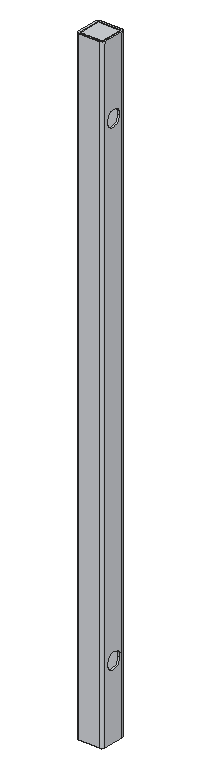
Revit family "1 SOUND_Active Speaker Tubes", category Communication Devices, host Face, Revit 2020
Family settings
  Host = Face
  Maintain Annotation Orientation = No
  Round Connector Dimension = Use Diameter
  Part Type = Normal
  Cut with Voids When Loaded = No
  Shared = No
  Room Calculation Point = No
Parameters (values of type "Active Speaker Tube 95 cm")
  Weight = "1.16 kg"
  URL = "https://www.1-sound.com/active-speaker-stand-tubes"
  Model = "Active Speaker Tube 95cm"
  Material = ""
  Manufacturer = "1 SOUND"  # constant formula
  Height Overall = 950.00 mm
  Finish = ""
  Dimensions (HxWxD) = "40.00mm x 40.00mm x 950.00mm"
  Default Elevation = 0.00 mm
  Construction = "Aluminum Alloy"
  Category = "Accessory"  # constant formula
  Accessory Finish [instance] = none
Types (2, lengths in mm): name | Weight | Model | Height Overall | Dimensions (HxWxD)
  Active Speaker Tube 95 cm | "1.16 kg" | "Active Speaker Tube 95cm" | 950.00 | "40.00mm x 40.00mm x 950.00mm"
  Active Speaker Tube 145 cm | "1.76 kg" | "Active Speaker Tube 145cm" | 1450.00 | "40.00mm x 40.00mm x 1450.00mm"
Reference planes
  plane 1 "Center (Front/Back)": y = 0
  plane 2: z = 0
  plane 3 "Center (Left/Right)": x = 0
  plane 4: x = -20
  plane 5: x = 20
  plane 6: y = 20
  plane 7: y = -20
  plane 8: x = -17
  plane 9: y = -17
  plane 10: x = 17
  plane 11: y = 17
  plane 12: z = 950
  plane 13: z = 840
  plane 14: z = 110
  plane 15: z = 945
Forms (mm)
  Extrusion 1, void
    sketch origin (1.597, 0, 23.515) x (0, -1, 0) y (0, 0, -1)
      loop
        circle (0, -816.485) r 12.5
      loop
        circle (-10.96, -827.445) r 1.25
      loop
        circle (10.96, -805.525) r 1.25
    from 0 to 80
  Extrusion 2, solid, material <- "Accessory Finish"
    sketch origin (0, 0, 0) x (1, 0, 0) y (0, 1, 0)
      loop
        arc (-15.728, 17) -> (-16.627, 16.627) -> (-17, 15.728) r 1.272
        line (-17, 15.728) -> (-17, -15.728)
        arc (-17, -15.728) -> (-16.627, -16.627) -> (-15.728, -17) r 1.272
        line (-15.728, -17) -> (15.728, -17)
        arc (15.728, -17) -> (16.627, -16.627) -> (17, -15.728) r 1.272
        line (17, -15.728) -> (17, 15.728)
        arc (17, 15.728) -> (16.627, 16.627) -> (15.728, 17) r 1.272
        line (15.728, 17) -> (-15.728, 17)
      loop
        arc (-15.728, 20) -> (-18.749, 18.749) -> (-20, 15.728) r 4.272
        line (-20, 15.728) -> (-20, -15.728)
        arc (-20, -15.728) -> (-18.749, -18.749) -> (-15.728, -20) r 4.272
        line (-15.728, -20) -> (15.728, -20)
        arc (15.728, -20) -> (18.749, -18.749) -> (20, -15.728) r 4.272
        line (20, -15.728) -> (20, 15.728)
        arc (20, 15.728) -> (18.749, 18.749) -> (15.728, 20) r 4.272
        line (15.728, 20) -> (-15.728, 20)
    from 0 to 950
  Extrusion 3, void
    sketch origin (1.597, 0, -706.485) x (0, -1, 0) y (0, 0, -1)
      loop
        circle (0, -816.485) r 12.5
      loop
        circle (-10.96, -827.445) r 1.25
      loop
        circle (10.96, -805.525) r 1.25
    from 0 to 80
  Extrusion 4, solid, material <- "Accessory Finish"
    sketch origin (0, 0, 0) x (1, 0, 0) y (0, 1, 0)
      loop
        line (-16.5, 15.728) -> (-16.5, -15.728)
        arc (-16.5, -15.728) -> (-16.274, -16.274) -> (-15.728, -16.5) r 0.772
        line (-15.728, -16.5) -> (15.728, -16.5)
        arc (15.728, -16.5) -> (16.274, -16.274) -> (16.5, -15.728) r 0.772
        line (16.5, -15.728) -> (16.5, 15.728)
        arc (16.5, 15.728) -> (16.274, 16.274) -> (15.728, 16.5) r 0.772
        line (15.728, 16.5) -> (-15.728, 16.5)
        arc (-15.728, 16.5) -> (-16.274, 16.274) -> (-16.5, 15.728) r 0.772
    from 945 to 950
  Extrusion 5, solid, material <- "Accessory Finish"
    sketch origin (0, 0, -945) x (1, 0, 0) y (0, 1, 0)
      loop
        line (-16.5, 15.728) -> (-16.5, -15.728)
        arc (-16.5, -15.728) -> (-16.274, -16.274) -> (-15.728, -16.5) r 0.772
        line (-15.728, -16.5) -> (15.728, -16.5)
        arc (15.728, -16.5) -> (16.274, -16.274) -> (16.5, -15.728) r 0.772
        line (16.5, -15.728) -> (16.5, 15.728)
        arc (16.5, 15.728) -> (16.274, 16.274) -> (15.728, 16.5) r 0.772
        line (15.728, 16.5) -> (-15.728, 16.5)
        arc (-15.728, 16.5) -> (-16.274, 16.274) -> (-16.5, 15.728) r 0.772
    from 945 to 950
Cuts and joins
  Extrusion 1, Extrusion 3 cuts Extrusion 2
Dimensions and locks
  equal spacing: plane 6, plane 1 "Center (Front/Back)", plane 7
  equal spacing: plane 4, plane 3 "Center (Left/Right)", plane 5
  locked: plane 6 to plane 7 at 40
  locked: plane 4 to plane 5 at 40
  "Height Overall": plane 12 to plane 2
  locked: plane 12 to plane 13 at 110
  plane 14 to plane 2 = 110.00 mm
  locked: plane 12 to plane 15 at 5
  aligned and locked: plane 2 to host face
  aligned and locked: level to host face
  aligned and locked: plane 12 to Extrusion 2
  aligned and locked: plane 12 to Extrusion 4
  aligned and locked: Extrusion 4 to plane 15
Automatic sketch dimensions
  host sketch curve to host sketch curve = 2438.40 mm  (x2)
  Extrusion 1 sketch curve to plane 1 "Center (Front/Back)" = 0.00 mm
  Extrusion 1 sketch curve to plane 13 = 0.00 mm
  Extrusion 1 sketch curve to plane 11 = 6.04 mm
  plane 9 to Extrusion 1 sketch curve = 6.04 mm
  plane 13 to Extrusion 1 sketch curve = 10.96 mm
  Extrusion 1 sketch curve to plane 13 = 10.96 mm
  Extrusion 2 sketch curve to Extrusion 2 sketch curve = 0.00 mm  (x8)
  Extrusion 2 sketch curve to plane 4 = 0.00 mm
  Extrusion 2 sketch curve to plane 8 = 0.00 mm
  Extrusion 2 sketch curve to plane 11 = 0.00 mm
  Extrusion 2 sketch curve to plane 7 = 0.00 mm
  Extrusion 2 sketch curve to plane 10 = 0.00 mm
  Extrusion 2 sketch curve to Extrusion 2 sketch curve = 1.272 mm  (x3)
  plane 8 to Extrusion 2 sketch curve = 1.272 mm
  Extrusion 3 sketch curve to plane 1 "Center (Front/Back)" = 0.00 mm
  Extrusion 3 sketch curve to plane 14 = 0.00 mm
  Extrusion 3 sketch curve to plane 11 = 6.04 mm
  plane 9 to Extrusion 3 sketch curve = 6.04 mm
  plane 14 to Extrusion 3 sketch curve = 10.96 mm
  Extrusion 3 sketch curve to plane 14 = 10.96 mm
  plane 8 to Extrusion 4 sketch curve = 0.50 mm
  Extrusion 4 sketch curve to Extrusion 4 sketch curve = 0.772 mm  (x2)
  Extrusion 4 sketch curve to plane 10 = 1.272 mm  (x2)
  Extrusion 4 sketch curve to plane 10 = 0.50 mm
  plane 9 to Extrusion 4 sketch curve = 0.50 mm
  Extrusion 4 sketch curve to plane 11 = 1.272 mm
  plane 8 to Extrusion 5 sketch curve = 0.50 mm
  Extrusion 5 sketch curve to Extrusion 5 sketch curve = 0.772 mm  (x2)
  Extrusion 5 sketch curve to plane 10 = 1.272 mm  (x2)
  Extrusion 5 sketch curve to plane 10 = 0.50 mm
  plane 9 to Extrusion 5 sketch curve = 0.50 mm
  Extrusion 5 sketch curve to plane 11 = 1.272 mm
  radius of Extrusion 1 sketch curve = 12.50 mm
  radius of Extrusion 1 sketch curve = 1.25 mm  (x2)
  radius of Extrusion 3 sketch curve = 12.50 mm
  radius of Extrusion 3 sketch curve = 1.25 mm  (x2)
